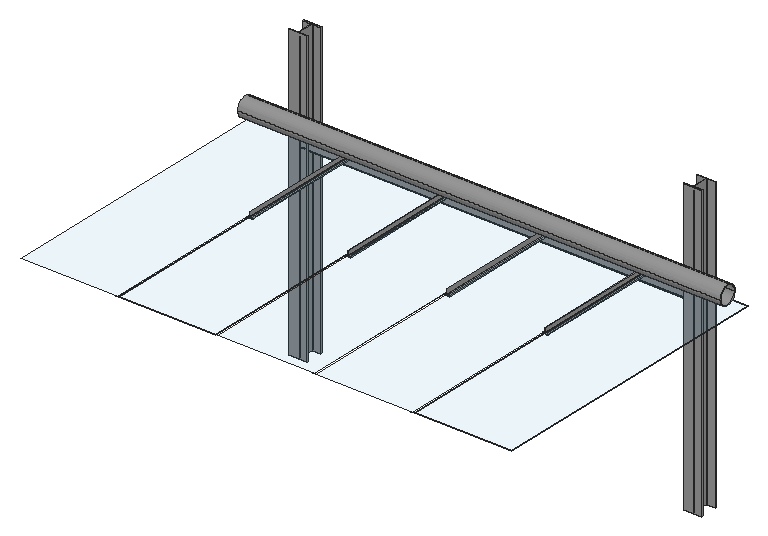
Revit family
Parameters
  Assembly Code = ""
Reference planes
  plane 1 "중심(앞/뒤)": y = 0
  plane 2: z = 0
  plane 3 "중심(왼쪽/오른쪽)": x = 0
  plane 4: z = 4000
  plane 5: x = -600
  plane 6: x = 5404.5
  plane 7: x = 6004.5
  plane 8: z = 0
  plane 9: z = 2400
  plane 10: y = -2250
  plane 11: x = 6065
  plane 12: x = 2025
  plane 13: x = 675
  plane 14: x = -675
  plane 15: x = 3375
  plane 16: x = 4725
  plane 17: x = 6075
  plane 18: y = -1800
  plane 19: y = -4050
Forms (mm)
  Extrusion 1, solid, material "H-Beam Post"
    sketch origin (0, 0, 0) x (1, 0, 0) y (0, 1, 0)
      loop
        line (-125, 125) -> (-125, 111) -> (-14.5, 111)
        arc (-14.5, 111) -> (-7.429, 108.071) -> (-4.5, 101) r 10
        line (-4.5, 101) -> (-4.5, -101)
        arc (-4.5, -101) -> (-7.429, -108.071) -> (-14.5, -111) r 10
        line (-14.5, -111) -> (-125, -111) -> (-125, -125) -> (125, -125) -> (125, -111) -> (14.5, -111)
        arc (14.5, -111) -> (7.429, -108.071) -> (4.5, -101) r 10
        line (4.5, -101) -> (4.5, 101)
        arc (4.5, 101) -> (7.429, 108.071) -> (14.5, 111) r 10
        line (14.5, 111) -> (125, 111) -> (125, 125) -> (-125, 125)
    from 0 to 4000
  Extrusion 2, solid, material "H-Beam Post"
    sketch origin (5400, 0, 0) x (1, 0, 0) y (0, 1, 0)
      loop
        line (-125, 125) -> (-125, 111) -> (-14.5, 111)
        arc (-14.5, 111) -> (-7.429, 108.071) -> (-4.5, 101) r 10
        line (-4.5, 101) -> (-4.5, -101)
        arc (-4.5, -101) -> (-7.429, -108.071) -> (-14.5, -111) r 10
        line (-14.5, -111) -> (-125, -111) -> (-125, -125) -> (125, -125) -> (125, -111) -> (14.5, -111)
        arc (14.5, -111) -> (7.429, -108.071) -> (4.5, -101) r 10
        line (4.5, -101) -> (4.5, 101)
        arc (4.5, 101) -> (7.429, 108.071) -> (14.5, 111) r 10
        line (14.5, 111) -> (125, 111) -> (125, 125) -> (-125, 125)
    from 0 to 4000
  Extrusion 3, solid, material "H-Beam Post"
    sketch origin (0, 0, -1300) x (0, 1, 0) y (0, 0, 1)
      loop
        line (91, 3870.681) -> (91, 3980.681) -> (88, 3980.681) -> (88, 3870.681)
        arc (88, 3870.681) -> (85.95, 3865.732) -> (81, 3863.681) r 7
        line (81, 3863.681) -> (-67, 3863.681)
        arc (-67, 3863.681) -> (-71.95, 3865.732) -> (-74, 3870.681) r 7
        line (-74, 3870.681) -> (-74, 3970.681)
        arc (-74, 3970.681) -> (-76.929, 3977.753) -> (-84, 3980.681) r 10
        line (-84, 3980.681) -> (-101, 3980.681) -> (-101, 3977.681) -> (-84, 3977.681)
        arc (-84, 3977.681) -> (-79.05, 3975.631) -> (-77, 3970.681) r 7
        line (-77, 3970.681) -> (-77, 3870.681)
        arc (-77, 3870.681) -> (-74.071, 3863.61) -> (-67, 3860.681) r 10
        line (-67, 3860.681) -> (81, 3860.681)
        arc (81, 3860.681) -> (88.071, 3863.61) -> (91, 3870.681) r 10
    from 4.5 to 5400
  Extrusion 4, solid, material "H-Beam Post"
    sketch origin (0, 0, -1200) x (0, 1, 0) y (0, 0, 1)
      loop
        circle (-280, 4155) r 125
      loop
        circle (-280, 4155) r 122
    from -600 to 6004.5
  Extrusion 5, solid, material "H-Beam Post"
    sketch origin (28.918, 0, -780) x (1, 0, 0) y (0, 0, 1)
      loop
        line (608.582, 3476.693) -> (683.582, 3476.693) -> (683.582, 3483.693) -> (656.582, 3483.693)
        arc (656.582, 3483.693) -> (650.925, 3486.036) -> (648.582, 3491.693) r 8
        line (648.582, 3491.693) -> (648.582, 3551.693) -> (643.582, 3551.693) -> (643.582, 3491.693)
        arc (643.582, 3491.693) -> (641.239, 3486.036) -> (635.582, 3483.693) r 8
        line (635.582, 3483.693) -> (608.582, 3483.693) -> (608.582, 3476.693)
    from 0 to 1800
  Extrusion 6, solid, material "H-Beam Post"
    sketch origin (1378.918, 0, -780) x (1, 0, 0) y (0, 0, 1)
      loop
        line (608.582, 3476.693) -> (683.582, 3476.693) -> (683.582, 3483.693) -> (656.582, 3483.693)
        arc (656.582, 3483.693) -> (650.925, 3486.036) -> (648.582, 3491.693) r 8
        line (648.582, 3491.693) -> (648.582, 3551.693) -> (643.582, 3551.693) -> (643.582, 3491.693)
        arc (643.582, 3491.693) -> (641.239, 3486.036) -> (635.582, 3483.693) r 8
        line (635.582, 3483.693) -> (608.582, 3483.693) -> (608.582, 3476.693)
    from 0 to 1800
  Extrusion 7, solid, material "H-Beam Post"
    sketch origin (2728.918, 0, -780) x (1, 0, 0) y (0, 0, 1)
      loop
        line (608.582, 3476.693) -> (683.582, 3476.693) -> (683.582, 3483.693) -> (656.582, 3483.693)
        arc (656.582, 3483.693) -> (650.925, 3486.036) -> (648.582, 3491.693) r 8
        line (648.582, 3491.693) -> (648.582, 3551.693) -> (643.582, 3551.693) -> (643.582, 3491.693)
        arc (643.582, 3491.693) -> (641.239, 3486.036) -> (635.582, 3483.693) r 8
        line (635.582, 3483.693) -> (608.582, 3483.693) -> (608.582, 3476.693)
    from 0 to 1800
  Extrusion 8, solid, material "H-Beam Post"
    sketch origin (4078.918, 0, -780) x (1, 0, 0) y (0, 0, 1)
      loop
        line (608.582, 3476.693) -> (683.582, 3476.693) -> (683.582, 3483.693) -> (656.582, 3483.693)
        arc (656.582, 3483.693) -> (650.925, 3486.036) -> (648.582, 3491.693) r 8
        line (648.582, 3491.693) -> (648.582, 3551.693) -> (643.582, 3551.693) -> (643.582, 3491.693)
        arc (643.582, 3491.693) -> (641.239, 3486.036) -> (635.582, 3483.693) r 8
        line (635.582, 3483.693) -> (608.582, 3483.693) -> (608.582, 3476.693)
    from 0 to 1800
  Extrusion 9, solid, material "유리"
    sketch origin (0, 0, -780) x (1, 0, 0) y (0, 0, 1)
      loop
        line (685, 3491.693) -> (2015, 3491.693) -> (2015, 3497.693) -> (685, 3497.693) -> (685, 3491.693)
    from 0 to 4050
  Extrusion 10, solid, material "유리"
    sketch origin (-1350, 0, -780) x (1, 0, 0) y (0, 0, 1)
      loop
        line (685, 3491.693) -> (2015, 3491.693) -> (2015, 3497.693) -> (685, 3497.693) -> (685, 3491.693)
    from 0 to 4050
  Extrusion 11, solid, material "유리"
    sketch origin (1350, 0, -780) x (1, 0, 0) y (0, 0, 1)
      loop
        line (685, 3491.693) -> (2015, 3491.693) -> (2015, 3497.693) -> (685, 3497.693) -> (685, 3491.693)
    from 0 to 4050
  Extrusion 12, solid, material "유리"
    sketch origin (2700, 0, -780) x (1, 0, 0) y (0, 0, 1)
      loop
        line (685, 3491.693) -> (2015, 3491.693) -> (2015, 3497.693) -> (685, 3497.693) -> (685, 3491.693)
    from 0 to 4050
  Extrusion 13, solid, material "유리"
    sketch origin (4050, 0, -780) x (1, 0, 0) y (0, 0, 1)
      loop
        line (685, 3491.693) -> (2015, 3491.693) -> (2015, 3497.693) -> (685, 3497.693) -> (685, 3491.693)
    from 0 to 4050
Lines and regions (mm)
  symbolic lines, style "GenericModelHiddenLines"
    curve 1: line (-675, 0, 0) -> (675, 0, 0)
    curve 2: line (-675, -4050, 0) -> (-675, 0, 0)
    curve 3: line (675, -4050, 0) -> (-675, -4050, 0)
    curve 4: line (675, 0, 0) -> (675, -4050, 0)
    curve 5: line (675, 0, 0) -> (2025, 0, 0)
    curve 6: line (2025, -4050, 0) -> (675, -4050, 0)
    curve 7: line (2025, 0, 0) -> (2025, -4050, 0)
    curve 8: line (2025, 0, 0) -> (3375, 0, 0)
    curve 9: line (3375, -4050, 0) -> (2025, -4050, 0)
    curve 10: line (3375, 0, 0) -> (3375, -4050, 0)
    curve 11: line (3375, 0, 0) -> (4725, 0, 0)
    curve 12: line (4725, -4050, 0) -> (3375, -4050, 0)
    curve 13: line (4725, 0, 0) -> (4725, -4050, 0)
    curve 14: line (4725, 0, 0) -> (6075, 0, 0)
    curve 15: line (6075, -4050, 0) -> (4725, -4050, 0)
    curve 16: line (6075, 0, 0) -> (6075, -4050, 0)
    curve 17: line (685.5, 0, 0) -> (685.5, -4050, 0)
    curve 18: line (664.5, -4050, 0) -> (664.5, 0, 0)
    curve 19: line (2035.5, 0, 0) -> (2035.5, -4050, 0)
    curve 20: line (2014.5, -4050, 0) -> (2014.5, 0, 0)
    curve 21: line (3385.5, 0, 0) -> (3385.5, -4050, 0)
    curve 22: line (3364.5, -4050, 0) -> (3364.5, 0, 0)
    curve 23: line (4735.5, 0, 0) -> (4735.5, -4050, 0)
    curve 24: line (4714.5, -4050, 0) -> (4714.5, 0, 0)
    curve 25: line (6064.5, -4050, 0) -> (6064.5, 0, 0)
    curve 26: line (-664.5, 0, 0) -> (-664.5, -4050, 0)
Dimensions and locks
  aligned: curve 15 to plane 19
